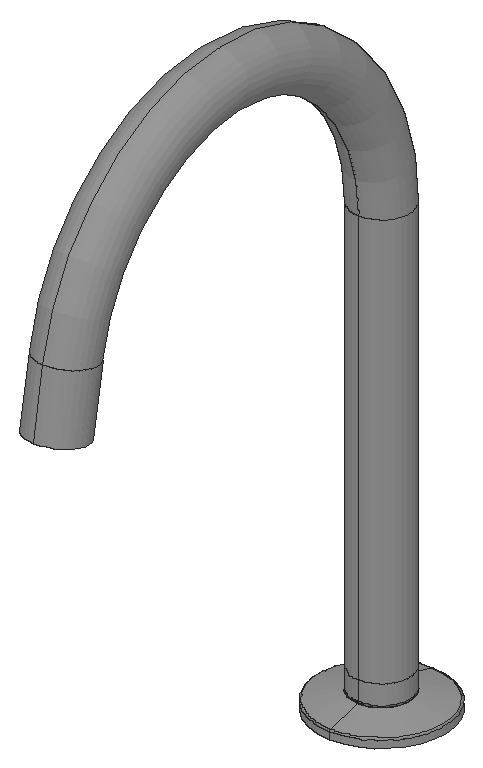
Revit family "Faucet-Deck_Mount-Bath_Spout-KOHLER-COMPONENTS-K-77985T", category Plumbing Fixtures, host Face, Revit 2017
Family settings
  Host = Face
  Round Connector Dimension = Use Diameter
  Part Type = Normal
  OmniClass Number = 23.31.11.00
  OmniClass Title = Faucets
  Cut with Voids When Loaded = No
  Shared = No
  Room Calculation Point = No
Parameters (values of type "Not a Type - See Type Catalog")
  Width = 2.3622"  # constant formula
  WaterSense Certified = 1 = 0  # no
  Waste Water Outlet = "Waste Water Outlet"  # constant formula
  Waste Connection = 1 = 0  # no
  Vent Connection = 1 = 0  # no
  URL = "http://www.kohler.com.cn/en/"
  Type = 0
  Spout Reach = 7.51969"  # constant formula
  Product Page URL = "http://www.kohler.com.cn/product/K-77985T-AF/K-77985T-CP/"
  Product Name = "COMPONENTS"  # constant formula
  Product Documentation Link = "http://files.kohler.com.cn/pdfs/1565148624807_1287329-2-C(77965T%2077966T%2023887T%2077967T%2077968T%2077969T%20%2077990T-4%20%2077990T-8&8MU%20%2077990T-9).pdf"
  Pressure = 0.00 psi
  Model = if(Type = 1, "K-77985T-CP", if(Type = 2, "K-77985T-BN", if(Type = 3, "K-77985T-BL", if(Type = 4, "K-77985T-AF", if(Type = 5, "K-77985T-RGD", if(Type = 6, "K-77985T-TT", if(Type = 7, "K-77985T-2BL", "NA")))))))  # "NA"
  Material = "Premium Metal Construction"  # constant formula
  Master Format 2014 Name = "Residential Faucets, Supplies, and Trim"  # constant formula
  Master Format 2014 = "22 41 39"  # constant formula
  Manufacturer Address = "158 Jiangchang 3rd Road Zhabei District Shanghai, 200436 China "  # constant formula
  Manufacturer = "KOHLER Co."  # constant formula
  Length = Spout Reach  # 7.51969"
  Hot Water Inlet = "Hot Water Inlet"  # constant formula
  Height = 12.57874"  # constant formula
  HW Connection = 1 = 1  # yes
  Flow Rate = 0 GPM
  Finish = Default
  Environmental Product Declaration = ""
  Drain Included = 1 = 0  # no
  Description = "Double-handle Cylinder Side Bath Faucet-Curved Pipe Spout"  # constant formula
  Default Elevation = 36"
  Declare Label = ""
  Date Modified = "04/24/2020"  # constant formula
  Date Created = "04/24/2020"  # constant formula
  Copyright = "Copyright KOHLER Co."  # constant formula
  Contact Us = "http://www.kohler.com.cn/en/contact/contact-us/"
  Cold Water Inlet = "Cold Water Inlet"  # constant formula
  CW Connection = 1 = 1  # yes
  Assembly Code = "D2010"
  ADA Compliant = 1 = 0  # no
Reference planes (in)
  plane 1 "Center (Front/Back)": y = 0
  plane 2: z = 0
  plane 3 "Center (Left/Right)": x = 0
  plane 4: x = 1.1811
  plane 5: x = -1.1811
  plane 6: y = -7.51969
  plane 7: y = -1.1811
  plane 8: y = 1.1811
  plane 9: z = 7.83465
  plane 10: z = 12.04724
  plane 11: x = -0.5315
  plane 12: y = 0.53212
  plane 13: y = -0.53212
  plane 14: x = 0.5315
  plane 15: y = -8.03497
  plane 16: z = 0.16128
  plane 17: z = 0.3139
  plane 18: z = 12.57874
Dimensions and locks (in)
  locked: plane 8 to plane 7 at 2.3622
  locked: plane 11 to plane 14 at 1.06299
  "Width": plane 5 to plane 4
  locked: level to plane 9 at 7.83465
  "Spout Reach": plane 1 "Center (Front/Back)" to plane 6
  "Height": level to plane 18
  locked: level to plane 10 at 12.04724
  "Length": plane 6 to plane 1 "Center (Front/Back)"
  locked: plane 12 to plane 13 at 1.06423
  aligned and locked: plane 2 to host face
  aligned and locked: level to host face
Automatic sketch dimensions
  host sketch curve to host sketch curve = 96"  (x2)
Nested families (in)
  nested 1: "K-77985T" at (0, 0, 0), type "K-77985T"
Connectors (in)
  piping at (-0.5, 0, 0), diameter 0.5, driven by "Flow Rate", driven by "Pressure", driven by "HW Connection", driven by "Hot Water Inlet"
    settings: on nested 1, index 1, connector inside diameter 24", connector length 0", flow factor 0, pipe flow 0 GPM, pressure drop 0.00 psi, fitting loss kfactor 0, connector angle 0.00°, fixture units 0, engagement length 0", angle of deflection 0.00°, flow configuration 0, flow direction 1, fitting loss method 4, system type 19, joint type 0, gender type 0, connector reference index -1, connector utility 1, adjustable connector no, is connector primary yes, connector description "Hot Water Inlet"
  piping at (0.5, 0, 0), diameter 0.5, driven by "Flow Rate", driven by "Pressure", driven by "CW Connection", driven by "Cold Water Inlet"
    settings: on nested 1, index 2, connector inside diameter 24", connector length 0", flow factor 0, pipe flow 0 GPM, pressure drop 0.00 psi, fitting loss kfactor 0, connector angle 0.00°, fixture units 0, engagement length 0", angle of deflection 0.00°, flow configuration 1, flow direction 1, fitting loss method 4, system type 20, joint type 0, gender type 0, connector reference index -1, connector utility 1, adjustable connector no, is connector primary no, connector description "Cold Water Inlet"
Definition of nested family "K-77985T"
  Parameters (values of type "K-77985T")
    Material = none
  Reference planes (in)
    plane 1 "Center (Front/Back)": y = 0
    plane 2: z = 0
    plane 3 "Center (Left/Right)": x = 0
    plane 4: y = 1.1811
    plane 5: y = -1.1811
    plane 6: z = 12.04724
    plane 7: y = -7.51969
    plane 8: z = 7.83465
    plane 9: x = -1.1811
    plane 10: x = 1.1811
    plane 11: x = -0.5315
    plane 12: x = 0.5315
    plane 13: y = 0.53212
    plane 14: y = -0.53212
    plane 15: z = 12.57874
    plane 16: z = 11.51575
    plane 17: y = -8.03497
    plane 18: z = 0.16128
    plane 19: z = 0.3139
  Forms (in)
    Revolve 1, solid, material <- "Material", detail levels medium+fine
      sketch origin (0, 0, 0) x (0, 1, 0) y (0, 0, 1)
        loop
          line (1.1875, 0) -> (1.1875, 0.13336)
          arc (1.1875, 0.13336) -> (1.18131, 0.15116) -> (1.1654, 0.16128) r 0.0287
          line (1.1654, 0.16128) -> (0.5414, 0.30878)
          arc (0.5414, 0.30878) -> (0.52603, 0.31186) -> (0.51048, 0.3139) r 0.23052
          arc (0.51048, 0.3139) -> (0.52584, 0.32089) -> (0.53212, 0.33656) r 0.02268
          line (0.53212, 0.33656) -> (0.53212, 0.70295) -> (0, 0.70295) -> (0, 0) -> (1.1875, 0)
        axis (0, 0) -> (0, 0.70295)
      angle from 0 to 360
    Sweep 2, solid, material <- "Material", detail levels medium+fine
      path origin (0, 0, 0) x (0, 1, 0) y (0, 0, 1)
        loop
          line (-7.51138, 7.82251) -> (-7.29812, 9.03193)
          arc (-7.29812, 9.03193) -> (-3.35652, 12.05643) -> (0, 8.39343) r 3.67699
          line (0, 8.39343) -> (0, 0.70295)
      profile origin (0, -7.51138, 7.82251) x (0, -0.984808, 0.173648) y (1, 0, 0)
        loop
          circle (0, 0) r 0.53212
    Revolve 3, solid, material <- "Material", detail levels coarse
      sketch origin (0, 0, 0) x (1, 0, 0) y (0, 0, 1)
        loop
          line (0, 2.54886) -> (-0.57034, 2.54886) -> (-0.57034, 0.46229) -> (-1.1875, 0.16128) -> (-1.1875, 0) -> (0, 0) -> (0, 2.54886)
        axis (0, 0) -> (0, 2.54886)
      angle from 0 to 360
    Sweep 4, solid, material <- "Material", detail levels coarse
      path origin (0, 0, 0) x (0, 1, 0) y (0, 0, 1)
        loop
          line (-7.51138, 7.82251) -> (-7.30598, 8.98738)
          arc (-7.30598, 8.98738) -> (-3.36013, 12.01513) -> (0, 8.34819) r 3.68095
          line (0, 8.34819) -> (0, 0.70295)
      profile origin (0, 0, 0.70295) x (0, -1, 0) y (1, 0, 0)
        loop
          circle (0, 0) r 0.57034
    Extrusion 5, solid, material <- "Material", detail levels medium+fine
      sketch origin (0, 0, 0) x (1, 0, 0) y (0, 1, 0)
        loop
          circle (-0.5, 0) r 0.10908
        loop
          circle (0.5, 0) r 0.10908
      from 0 to 0.07813
  Cuts and joins
    joined: Revolve 1, Sweep 2
    joined: Revolve 3, Sweep 4
  Lines and regions (in)
    Masking region 1
      outline origin (0, 0, 0) x (0, 1, 0) y (0, 0, 1)
        loop
          line (1.1811, 0) -> (1.1811, 0.13487)
          arc (1.1811, 0.13487) -> (1.17491, 0.15267) -> (1.15901, 0.1628) r 0.0287
          line (1.15901, 0.1628) -> (0.5414, 0.30878)
          arc (0.5414, 0.30878) -> (0.52603, 0.31186) -> (0.51048, 0.3139) r 0.23052
          arc (0.51048, 0.3139) -> (0.52584, 0.32089) -> (0.53212, 0.33656) r 0.02268
          line (0.53212, 0.33656) -> (0.53212, 8.37748)
          arc (0.53212, 8.37748) -> (-3.31142, 12.57196) -> (-7.82493, 9.10863) r 4.2105
          line (-7.82493, 9.10863) -> (-8.03357, 7.92536) -> (-6.99018, 7.74138) -> (-6.78348, 8.91366)
          arc (-6.78348, 8.91366) -> (-3.40722, 11.50436) -> (-0.53212, 8.36674) r 3.14961
          line (-0.53212, 8.36674) -> (-0.53212, 0.33656)
          arc (-0.53212, 0.33656) -> (-0.52584, 0.32089) -> (-0.51048, 0.3139) r 0.02268
          arc (-0.51048, 0.3139) -> (-0.52603, 0.31186) -> (-0.5414, 0.30878) r 0.23052
          line (-0.5414, 0.30878) -> (-1.15901, 0.1628)
          arc (-1.15901, 0.1628) -> (-1.17491, 0.15267) -> (-1.1811, 0.13487) r 0.0287
          line (-1.1811, 0.13487) -> (-1.1811, 0) -> (1.1811, 0)
    Masking region 2
      outline origin (0, 0, 0) x (1, 0, 0) y (0, 0, 1)
        loop
          line (-1.1811, 0) -> (1.1811, 0) -> (1.1811, 0.13487)
          arc (1.1811, 0.13487) -> (1.17491, 0.15267) -> (1.15901, 0.1628) r 0.0287
          line (1.15901, 0.1628) -> (0.5414, 0.30878)
          arc (0.5414, 0.30878) -> (0.52591, 0.31188) -> (0.51025, 0.31392) r 0.23052
          arc (0.51025, 0.31392) -> (0.52535, 0.32104) -> (0.5315, 0.33656) r 0.02268
          line (0.5315, 0.33656) -> (0.5315, 12.04643)
          arc (0.5315, 12.04643) -> (0, 12.57792) -> (-0.5315, 12.04643) r 0.5315
          line (-0.5315, 12.04643) -> (-0.5315, 0.33656)
          arc (-0.5315, 0.33656) -> (-0.52535, 0.32104) -> (-0.51025, 0.31392) r 0.02268
          arc (-0.51025, 0.31392) -> (-0.52591, 0.31188) -> (-0.5414, 0.30878) r 0.23052
          line (-0.5414, 0.30878) -> (-1.15901, 0.1628)
          arc (-1.15901, 0.1628) -> (-1.17491, 0.15267) -> (-1.1811, 0.13487) r 0.0287
          line (-1.1811, 0.13487) -> (-1.1811, 0)
    Masking region 3
      outline origin (0, 0, 0) x (1, 0, 0) y (0, 1, 0)
        loop
          line (0.5315, -7.51138) -> (0.5315, -1.05476)
          arc (0.5315, -1.05476) -> (0.00069, 1.1811) -> (-0.53274, -1.05413) r 1.1811
          line (-0.53274, -1.05413) -> (-0.53274, -7.51138)
          spline (-0.53274, -7.51138) -> (-0.52818, -7.57978) -> (-0.5146, -7.64701) -> (-0.49223, -7.71192) -> (-0.46145, -7.77339) -> (-0.42278, -7.83039) -> (-0.37688, -7.88192) -> (-0.32455, -7.92712) -> (-0.26668, -7.9652) -> (-0.20425, -7.99552) -> (-0.13834, -8.01755) -> (-0.07008, -8.03093) -> (-0.00062, -8.03541)
          spline (-0.00062, -8.03541) -> (0.06883, -8.03093) -> (0.1371, -8.01755) -> (0.20301, -7.99552) -> (0.26544, -7.9652) -> (0.32331, -7.92712) -> (0.37564, -7.88192) -> (0.42154, -7.83039) -> (0.46021, -7.77339) -> (0.49099, -7.71192) -> (0.51336, -7.64701) -> (0.52694, -7.57978) -> (0.5315, -7.51138)
    symbolic lines, detail levels medium+fine
      curve 1: spline (0, 0, 7.74242) -> (0.13772, 0, 7.74557) -> (0.26606, 0, 7.7548) -> (0.37626, 0, 7.76948) -> (0.46083, 0, 7.78862) -> (0.51398, 0, 7.8109) -> (0.53212, 0, 7.83482) -> (0.51398, 0, 7.85873) -> (0.46083, 0, 7.88102) -> (0.37626, 0, 7.90016) -> (0.26606, 0, 7.91484) -> (0.13772, 0, 7.92407) -> (0, 0, 7.92722)
      curve 2: spline (0, 0, 7.92722) -> (-0.13772, 0, 7.92407) -> (-0.26606, 0, 7.91484) -> (-0.37626, 0, 7.90016) -> (-0.46083, 0, 7.88102) -> (-0.51398, 0, 7.85873) -> (-0.53212, 0, 7.83482) -> (-0.51398, 0, 7.8109) -> (-0.46083, 0, 7.78862) -> (-0.37626, 0, 7.76948) -> (-0.26606, 0, 7.7548) -> (-0.13772, 0, 7.74557) -> (0, 0, 7.74242)
      curve 3: line (-0.51025, 0, 0.31392) -> (0.51025, 0, 0.31392)
      curve 4: line (-1.16362, 0, 0.16128) -> (1.16362, 0, 0.16128)
      curve 5: line (0, 0.51048, 0.3139) -> (0, -0.51048, 0.3139)
      curve 6: line (0, 1.16362, 0.16128) -> (0, -1.16362, 0.16128)
      curve 7: line (-0.5315, -1.06161, 0) -> (-0.5315, 0.00575, 0)
      curve 8: line (0.5315, -1.06161, 0) -> (0.5315, 0.00575, 0)
      curve 9: arc (0.5315, -0.84706, 0) -> (0, 1, 0) -> (-0.5315, -0.84706, 0) r 1
      curve 10: arc (-0.5315, 0.00575, 0) -> (0, 0.53724, 0) -> (0.5315, 0.00575, 0) r 0.5315
  Dimensions and locks (in)
    plane 6 to level = 12.04724"
    plane 1 "Center (Front/Back)" to plane 7 = 7.51969"
    plane 8 to level = 7.83465"
    aligned and locked: plane 2 to level
Types in the file's own list only (7): name | Width | Type | Spout Reach | Product Page URL | Model | Manufacturer Address | Length | Height | Finish
  CP-Polished Chrome | 2 3/8" | 1 | 7 1/2" | "http://www.kohler.com.cn/product/K-77985T-AF/K-77985T-CP/" | "K-77985T-CP" | "158 Jiangchang 3rd Road Zhabei District Shanghai, 200436 China" | 7 1/2" | 12 9/16" | Kohler-Metal-CP-Polished_Chrome
  BN-Roman silver | 2 3/8" | 2 | 7 1/2" | "http://www.kohler.com.cn/product/K-77985T-AF/K-77985T-BN/" | "K-77985T-BN" | "158 Jiangchang 3rd Road Zhabei District Shanghai, 200436 China" | 7 1/2" | 12 9/16" | Kohler-Metal-BN-Roman_Silver
  BL-Matte Black | 2 3/8" | 3 | 7 1/2" | "http://www.kohler.com.cn/product/K-77985T-BL/K-77985T-BL/" | "K-77985T-BL" | "158 Jiangchang 3rd Road Zhabei District Shanghai, 200436 China" | 7 1/2" | 12 9/16" | Kohler-Metal-BL-Matte_Black
  AF- Flange Gold | 2 3/8" | 4 | 7 1/2" | "http://www.kohler.com.cn/product/K-77985T-AF/K-77985T-AF/" | "K-77985T-AF" | "158 Jiangchang 3rd Road Zhabei District Shanghai, 200436 China" | 7 1/2" | 12 9/16" | Kohler-Metal-AF-Flange_Gold
  RGD-Rose Gold | 2 3/8" | 5 | 7 1/2" | "http://www.kohler.com.cn/product/K-77985T-AF/K-77985T-RGD/" | "K-77985T-RGD" | "158 Jiangchang 3rd Road Zhabei District Shanghai, 200436 China" | 7 1/2" | 12 9/16" | Kohler-Metal-RGD-Rose_Gold
  TT-Titanium Silver | 2 3/8" | 6 | 7 1/2" | "http://www.kohler.com.cn/product/K-77985T-AF/K-77985T-TT/" | "K-77985T-TT" | "158 Jiangchang 3rd Road Zhabei District Shanghai, 200436 China" | 7 1/2" | 12 9/16" | Kohler-Metal-TT-Titanium_Silver
  2BL-Original Black | 2 3/8" | 7 | 7 1/2" | "http://www.kohler.com.cn/product/K-77985T-AF/K-77985T-2BL/" | "K-77985T-2BL" | "158 Jiangchang 3rd Road Zhabei District Shanghai, 200436 China" | 7 1/2" | 12 9/16" | Kohler-Metal-2BL-Original_Black
